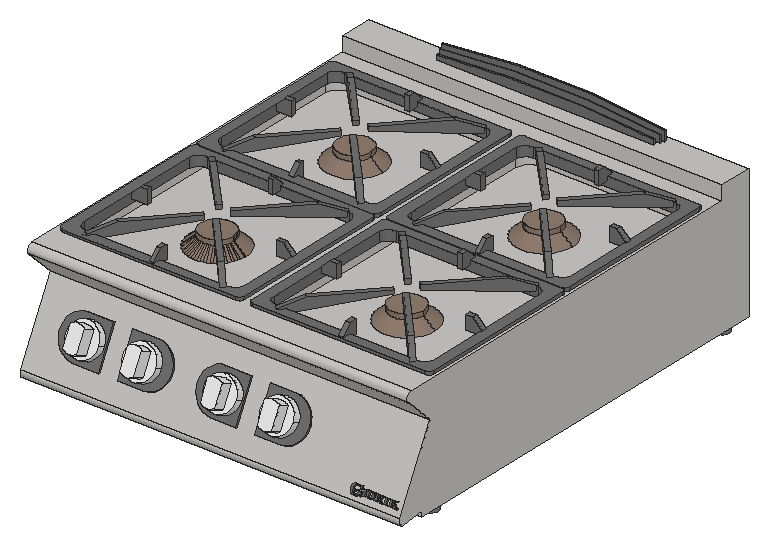
Revit family "QF_GIORIK_CG940T", category Specialty Equipment, Revit 2014
Parameters (values of type "CG940T")
  Weight in Pounds = 176.3696
  URL Cutsheet = "www.giorik.com"
  URL = "www.giorik.com"
  Status [instance] = ""
  Specification by User [instance] = ""
  Specification by Manufacturer = ""
  Show Logo [instance] = yes
  Show Clearance [instance] = yes
  Serial Number = ""
  Seismic Rating = ""
  SMACNA No = ""
  Revision Code [instance] = ""
  NAFEM Spec ID Number = ""
  Model = "CG940T"
  Mechanical Remarks [instance] = "Natural Gas"
  Mechanical Connection Type [instance] = ""
  Masterspec = ""
  Manufacturer = "GIORIK"
  Item Number [instance] = ""
  Installed By [instance] = ""
  Identify Quantity as Lot [instance] = no
  Gas Size = 1"
  Gas RI Height [instance] = 0 mm
  Gas KW = 32
  Gas Input = 32000 W
  Gas Connection Height [instance] = 20 mm
  Furnished By [instance] = ""
  Foodservice Equipment Identifier [instance] = yes
  Description = "4 BURNER GAS RANGE - COUNTERTOP VERSION"
  CSI MasterFormat = ""
  Assembly Code = "E1090320"
Reference planes
  plane 1 "Back": y = 0
  plane 2: z = 0
  plane 3 "Left": x = 0
  plane 4 "Right": x = 800
  plane 5 "Front": y = -920
  plane 6 "Top": z = 299.988
Forms (mm)
  Extrusion 1, solid, visible <- "Show Logo"
    sketch origin (596.604, -934.057, 12.333) x (-1, 0, 0) y (0, 0.452718, 0.891654)
      loop
        line (-118.824, 58.358) -> (-127.804, 58.358) -> (-125.523, 56.445) -> (-125.523, 48.027) -> (-127.804, 46.113) -> (-118.824, 46.113) -> (-121.105, 48.027) -> (-121.105, 56.445) -> (-118.824, 58.358)
      loop
        line (-163.721, 58.358) -> (-172.7, 58.358) -> (-170.42, 56.445) -> (-170.42, 48.027) -> (-172.7, 46.113) -> (-163.721, 46.113) -> (-166.001, 48.027) -> (-166.001, 56.445) -> (-163.721, 58.358)
      loop
        line (-174.332, 58.358) -> (-183.312, 58.358) -> (-181.031, 56.445) -> (-181.031, 52.435) -> (-186.419, 56.955) -> (-184.416, 58.358) -> (-191.268, 58.358) -> (-188.01, 56.839) -> (-185.455, 54.283) -> (-190.846, 47.858) -> (-193.396, 46.93) -> (-193.396, 46.113) -> (-184.416, 46.113) -> (-185.437, 47.571) -> (-182.443, 51.552) -> (-181.031, 50.894) -> (-181.031, 48.027) -> (-183.312, 46.113) -> (-174.332, 46.113) -> (-176.613, 48.027) -> (-176.613, 56.445) -> (-174.332, 58.358)
      loop
        line (-115.429, 62.063) -> (-115.429, 54.198)
        arc (-115.429, 54.198) -> (-111.618, 57.803) -> (-106.847, 59.986) r 16.039
        arc (-106.847, 59.986) -> (-103.314, 59.837) -> (-100.512, 57.68) r 5.851
        arc (-100.512, 57.68) -> (-98.815, 52.267) -> (-100.512, 46.853) r 9.479
        arc (-100.512, 46.853) -> (-102.406, 44.986) -> (-104.846, 43.93) r 7.236
        arc (-104.846, 43.93) -> (-107.728, 44.111) -> (-110.052, 45.825) r 5.11
        line (-110.052, 45.825) -> (-110.052, 52.001) -> (-116.141, 52.001) -> (-116.141, 45.503) -> (-117.893, 43.751) -> (-114.094, 44.769)
        arc (-114.094, 44.769) -> (-112.56, 44.947) -> (-111.129, 44.366) r 3.115
        arc (-111.129, 44.366) -> (-104.216, 42.091) -> (-97.303, 44.366) r 11.641
        arc (-97.303, 44.366) -> (-93.396, 52.107) -> (-97.303, 59.849) r 9.622
        arc (-97.303, 59.849) -> (-104.369, 62.174) -> (-111.435, 59.849) r 11.898
        line (-111.435, 59.849) -> (-115.429, 62.063)
      loop
        arc (-129.234, 56.068) -> (-135.893, 58.628) -> (-142.552, 56.068) r 9.941
        arc (-142.552, 56.068) -> (-144.234, 52.286) -> (-142.552, 48.505) r 5.093
        arc (-142.552, 48.505) -> (-135.893, 45.945) -> (-129.234, 48.505) r 9.941
        arc (-129.234, 48.505) -> (-127.552, 52.286) -> (-129.234, 56.068) r 5.093
      loop
        arc (-132.628, 54.403) -> (-135.893, 57.668) -> (-139.158, 54.403) r 3.265
        line (-139.158, 54.403) -> (-139.158, 50.169)
        arc (-139.158, 50.169) -> (-135.893, 46.904) -> (-132.628, 50.169) r 3.265
        line (-132.628, 50.169) -> (-132.628, 54.403)
      loop
        arc (-156.363, 58.365) -> (-159.647, 55.081) -> (-156.363, 51.796) r 3.285
        line (-156.363, 51.796) -> (-159.529, 47.306) -> (-162.087, 46.113) -> (-155.847, 46.113) -> (-153.529, 51.083) -> (-150.637, 51.083) -> (-150.637, 47.784) -> (-153.022, 46.113) -> (-144.011, 46.113) -> (-146.094, 47.68) -> (-146.094, 56.493) -> (-144.229, 58.365) -> (-156.363, 58.365)
      loop
        line (-150.637, 57.512) -> (-153.637, 57.512)
        arc (-153.637, 57.512) -> (-156.237, 54.912) -> (-153.637, 52.312) r 2.6
        line (-153.637, 52.312) -> (-150.637, 52.312) -> (-150.637, 57.512)
      loop
        line (-108.924, 52.001) -> (-104.936, 49.005) -> (-100.948, 52.001) -> (-108.924, 52.001)
    from 1.5 to -0.5
  Extrusion 2, void
    sketch origin (0, 0.105, 299.988) x (0, 1, 0) y (-1, 0, 0)
      loop
        arc (-110, -48.046) -> (-118.787, -26.832) -> (-140, -18.046) r 30
        line (-140, -18.046) -> (-800.004, -18.046)
        arc (-800.004, -18.046) -> (-821.217, -26.832) -> (-830.004, -48.046) r 30
        line (-830.004, -48.046) -> (-830.004, -352.046)
        arc (-830.004, -352.046) -> (-821.217, -373.259) -> (-800.004, -382.046) r 30
        line (-800.004, -382.046) -> (-140, -382.046)
        arc (-140, -382.046) -> (-118.787, -373.259) -> (-110, -352.046) r 30
        line (-110, -352.046) -> (-110, -48.046)
    from -30 to -70
  Extrusion 3, solid
    sketch origin (-4, 0.083, 5) x (1, 0, 0) y (0, 1, 0)
      loop
        circle (54, -385) r 12.5
    from 0 to 15
  Extrusion 4, solid
    sketch origin (0, -374.447, -630) x (1, 0, 0) y (0, 1, 0)
      loop
        circle (200.046, -276.449) r 35
    from 889.988 to 879.988
  Blend 5, solid
    base sketch origin (0, -374.447, 299.988) x (0, 1, 0) y (-1, 0, 0)
      loop
        circle (-276.449, -200.046) r 60
    top sketch origin (0, -374.447, 299.988) x (0, 1, 0) y (-1, 0, 0)
      loop
        circle (-276.449, -200.046) r 35
    from -70 to -50
  Extrusion 6, solid
    sketch origin (159.325, -429.908, -671.012) x (0, -1, 0) y (0, 0, -1)
      loop
        line (43.989, -935.989) -> (73, -965) -> (79.749, -965) -> (79.749, -935.989) -> (43.989, -935.989)
    from 35.72 to 45.72
  Extrusion 7, solid
    sketch origin (0, -374.447, -630) x (1, 0, 0) y (0, 1, 0)
      loop
        circle (200.046, -276.449) r 35
    from 889.988 to 879.988
  Blend 8, solid
    base sketch origin (0, -374.447, 299.988) x (0, 1, 0) y (-1, 0, 0)
      loop
        circle (-276.449, -200.046) r 60
    top sketch origin (0, -374.447, 299.988) x (0, 1, 0) y (-1, 0, 0)
      loop
        circle (-276.449, -200.046) r 35
    from -70 to -50
  Extrusion 9, solid
    sketch origin (-15.829, -700.615, -671.012) x (1, 0, 0) y (0, 0, -1)
      loop
        line (35.989, -935.989) -> (65, -965) -> (79.749, -965) -> (79.749, -935.989) -> (35.989, -935.989)
    from 35.72 to 45.72
  Extrusion 10, solid
    sketch origin (415.921, -700.615, -671.012) x (-1, 0, 0) y (0, 0, 1)
      loop
        line (35.989, 935.989) -> (79.749, 935.989) -> (79.749, 965) -> (65, 965) -> (35.989, 935.989)
    from 35.72 to 45.72
  Extrusion 11, solid
    sketch origin (0.046, -424.895, -577.012) x (1, 0, 0) y (0, 1, 0)
      loop
        line (8, -55.002) -> (8, -395.004)
        arc (8, -395.004) -> (10.929, -402.075) -> (18, -405.004) r 10
        line (18, -405.004) -> (382, -405.004)
        arc (382, -405.004) -> (389.071, -402.075) -> (392, -395.004) r 10
        line (392, -395.004) -> (392, -55.002)
        arc (392, -55.002) -> (389.071, -47.931) -> (382, -45.002) r 10
        line (382, -45.002) -> (18, -45.002)
        arc (18, -45.002) -> (10.929, -47.931) -> (8, -55.002) r 10
      loop
        arc (49.954, -67.002) -> (35.812, -72.86) -> (29.954, -87.002) r 20
        line (29.954, -87.002) -> (29.954, -365.004)
        arc (29.954, -365.004) -> (35.812, -379.146) -> (49.954, -385.004) r 20
        line (49.954, -385.004) -> (349.954, -385.004)
        arc (349.954, -385.004) -> (364.097, -379.146) -> (369.954, -365.004) r 20
        line (369.954, -365.004) -> (369.954, -87.002)
        arc (369.954, -87.002) -> (364.097, -72.86) -> (349.954, -67.002) r 20
        line (349.954, -67.002) -> (49.954, -67.002)
    from 831.989 to 851.989
  Extrusion 12, solid
    sketch origin (347.736, -429.73, -602.821) x (-0.670885, -0.741561, 0) y (0, 0, -1)
      loop
        line (239.679, -896.808) -> (239.679, -888.14) -> (57.778, -867.797) -> (36.748, -867.797) -> (36.748, -875.452) -> (95.425, -896.808) -> (239.679, -896.808)
    from 30.148 to 40.148
  Extrusion 13, solid
    sketch origin (52.421, -429.794, -602.821) x (0.670878, -0.741568, 0) y (0, 0, 1)
      loop
        line (239.588, 896.808) -> (95.425, 896.808) -> (36.748, 875.452) -> (36.748, 867.797) -> (57.778, 867.797) -> (239.588, 888.13) -> (239.588, 896.808)
    from 30.148 to 40.148
  Extrusion 14, solid
    sketch origin (347.735, -872.062, -602.821) x (-0.670878, 0.741568, 0) y (0, 0, 1)
      loop
        line (239.679, 896.808) -> (95.425, 896.808) -> (36.748, 875.452) -> (36.748, 867.797) -> (57.778, 867.797) -> (239.679, 888.14) -> (239.679, 896.808)
    from 30.148 to 40.148
  Extrusion 15, solid
    sketch origin (52.356, -872.062, -602.821) x (0.670885, 0.741561, 0) y (0, 0, -1)
      loop
        line (239.679, -896.808) -> (239.679, -888.14) -> (57.778, -867.797) -> (36.748, -867.797) -> (36.748, -875.452) -> (95.425, -896.808) -> (239.679, -896.808)
    from 30.148 to 40.148
  Extrusion 16, solid
    sketch origin (240.72, -869.888, -671.012) x (0, 1, 0) y (0, 0, -1)
      loop
        line (35.989, -935.989) -> (65, -965) -> (79.749, -965) -> (79.749, -935.989) -> (35.989, -935.989)
    from 35.72 to 45.72
  Extrusion 17, solid
    sketch origin (159.325, -509.886, -671.012) x (0, 1, 0) y (0, 0, 1)
      loop
        line (44.738, 935.989) -> (79.749, 935.989) -> (79.749, 965) -> (73.749, 965) -> (44.738, 935.989)
    from 35.72 to 45.72
  Extrusion 18, solid
    sketch origin (-15.829, -239.178, -671.012) x (1, 0, 0) y (0, 0, 1)
      loop
        line (35.989, 935.989) -> (79.749, 935.989) -> (79.749, 965) -> (65, 965) -> (35.989, 935.989)
    from 35.72 to 45.72
  Extrusion 19, solid
    sketch origin (415.921, -239.178, -671.012) x (-1, 0, 0) y (0, 0, -1)
      loop
        line (35.989, -935.989) -> (65, -965) -> (79.749, -965) -> (79.749, -935.989) -> (35.989, -935.989)
    from 35.72 to 45.72
  Extrusion 20, solid
    sketch origin (0.046, -514.898, -577.012) x (1, 0, 0) y (0, 1, 0)
      loop
        arc (8, 55.002) -> (10.929, 47.931) -> (18, 45.002) r 10
        line (18, 45.002) -> (382, 45.002)
        arc (382, 45.002) -> (389.071, 47.931) -> (392, 55.002) r 10
        line (392, 55.002) -> (392, 395.004)
        arc (392, 395.004) -> (389.071, 402.075) -> (382, 405.004) r 10
        line (382, 405.004) -> (18, 405.004)
        arc (18, 405.004) -> (10.929, 402.075) -> (8, 395.004) r 10
        line (8, 395.004) -> (8, 55.002)
      loop
        line (49.954, 67.002) -> (349.954, 67.002)
        arc (349.954, 67.002) -> (364.097, 72.86) -> (369.954, 87.002) r 20
        line (369.954, 87.002) -> (369.954, 365.004)
        arc (369.954, 365.004) -> (364.097, 379.146) -> (349.954, 385.004) r 20
        line (349.954, 385.004) -> (49.954, 385.004)
        arc (49.954, 385.004) -> (35.812, 379.146) -> (29.954, 365.004) r 20
        line (29.954, 365.004) -> (29.954, 87.002)
        arc (29.954, 87.002) -> (35.812, 72.86) -> (49.954, 67.002) r 20
    from 831.989 to 851.989
  Extrusion 21, solid
    sketch origin (347.736, -510.063, -602.821) x (-0.670885, 0.741561, 0) y (0, 0, 1)
      loop
        line (239.679, 896.808) -> (95.425, 896.808) -> (36.748, 875.452) -> (36.748, 867.797) -> (57.778, 867.797) -> (239.679, 888.14) -> (239.679, 896.808)
    from 30.148 to 40.148
  Extrusion 22, solid
    sketch origin (52.421, -509.999, -602.821) x (0.670878, 0.741568, 0) y (0, 0, -1)
      loop
        line (239.588, -896.808) -> (239.588, -888.13) -> (57.778, -867.797) -> (36.748, -867.797) -> (36.748, -875.452) -> (95.425, -896.808) -> (239.588, -896.808)
    from 30.148 to 40.148
  Extrusion 23, solid
    sketch origin (347.735, -67.732, -602.821) x (-0.670878, -0.741568, 0) y (0, 0, -1)
      loop
        line (239.679, -896.808) -> (239.679, -888.14) -> (57.778, -867.797) -> (36.748, -867.797) -> (36.748, -875.452) -> (95.425, -896.808) -> (239.679, -896.808)
    from 30.148 to 40.148
  Extrusion 24, solid
    sketch origin (52.356, -67.732, -602.821) x (0.670885, -0.741561, 0) y (0, 0, 1)
      loop
        line (239.679, 896.808) -> (95.425, 896.808) -> (36.748, 875.452) -> (36.748, 867.797) -> (57.778, 867.797) -> (239.679, 888.14) -> (239.679, 896.808)
    from 30.148 to 40.148
  Extrusion 25, solid
    sketch origin (240.72, -69.906, -671.012) x (0, -1, 0) y (0, 0, 1)
      loop
        line (35.989, 935.989) -> (79.749, 935.989) -> (79.749, 965) -> (65, 965) -> (35.989, 935.989)
    from 35.72 to 45.72
  Extrusion 26, solid
    sketch origin (559.325, -429.908, -671.012) x (0, -1, 0) y (0, 0, -1)
      loop
        line (35.989, -935.989) -> (65, -965) -> (79.749, -965) -> (79.749, -935.989) -> (35.989, -935.989)
    from 35.72 to 45.72
  Extrusion 27, solid
    sketch origin (384.171, -700.615, -671.012) x (1, 0, 0) y (0, 0, -1)
      loop
        line (35.989, -935.989) -> (65, -965) -> (79.749, -965) -> (79.749, -935.989) -> (35.989, -935.989)
    from 35.72 to 45.72
  Extrusion 28, solid
    sketch origin (815.921, -700.615, -671.012) x (-1, 0, 0) y (0, 0, 1)
      loop
        line (35.989, 935.989) -> (79.749, 935.989) -> (79.749, 965) -> (65, 965) -> (35.989, 935.989)
    from 35.72 to 45.72
  Extrusion 29, solid
    sketch origin (400.046, -424.895, -577.012) x (1, 0, 0) y (0, 1, 0)
      loop
        line (8, -55.002) -> (8, -395.004)
        arc (8, -395.004) -> (10.929, -402.075) -> (18, -405.004) r 10
        line (18, -405.004) -> (382, -405.004)
        arc (382, -405.004) -> (389.071, -402.075) -> (392, -395.004) r 10
        line (392, -395.004) -> (392, -55.002)
        arc (392, -55.002) -> (389.071, -47.931) -> (382, -45.002) r 10
        line (382, -45.002) -> (18, -45.002)
        arc (18, -45.002) -> (10.929, -47.931) -> (8, -55.002) r 10
      loop
        arc (49.954, -67.002) -> (35.812, -72.86) -> (29.954, -87.002) r 20
        line (29.954, -87.002) -> (29.954, -365.004)
        arc (29.954, -365.004) -> (35.812, -379.146) -> (49.954, -385.004) r 20
        line (49.954, -385.004) -> (349.954, -385.004)
        arc (349.954, -385.004) -> (364.097, -379.146) -> (369.954, -365.004) r 20
        line (369.954, -365.004) -> (369.954, -87.002)
        arc (369.954, -87.002) -> (364.097, -72.86) -> (349.954, -67.002) r 20
        line (349.954, -67.002) -> (49.954, -67.002)
    from 831.989 to 851.989
  Extrusion 30, solid
    sketch origin (747.736, -429.73, -602.821) x (-0.670885, -0.741561, 0) y (0, 0, -1)
      loop
        line (239.679, -896.808) -> (239.679, -888.14) -> (57.778, -867.797) -> (36.748, -867.797) -> (36.748, -875.452) -> (95.425, -896.808) -> (239.679, -896.808)
    from 30.148 to 40.148
  Extrusion 31, solid
    sketch origin (452.421, -429.794, -602.821) x (0.670878, -0.741568, 0) y (0, 0, 1)
      loop
        line (239.588, 896.808) -> (95.425, 896.808) -> (36.748, 875.452) -> (36.748, 867.797) -> (57.778, 867.797) -> (239.588, 888.13) -> (239.588, 896.808)
    from 30.148 to 40.148
  Extrusion 32, solid
    sketch origin (747.735, -872.062, -602.821) x (-0.670878, 0.741568, 0) y (0, 0, 1)
      loop
        line (239.679, 896.808) -> (95.425, 896.808) -> (36.748, 875.452) -> (36.748, 867.797) -> (57.778, 867.797) -> (239.679, 888.14) -> (239.679, 896.808)
    from 30.148 to 40.148
  Extrusion 33, solid
    sketch origin (452.356, -872.062, -602.821) x (0.670885, 0.741561, 0) y (0, 0, -1)
      loop
        line (239.679, -896.808) -> (239.679, -888.14) -> (57.778, -867.797) -> (36.748, -867.797) -> (36.748, -875.452) -> (95.425, -896.808) -> (239.679, -896.808)
    from 30.148 to 40.148
  Extrusion 34, solid
    sketch origin (640.72, -869.888, -671.012) x (0, 1, 0) y (0, 0, -1)
      loop
        line (35.989, -935.989) -> (65, -965) -> (79.749, -965) -> (79.749, -935.989) -> (35.989, -935.989)
    from 35.72 to 45.72
  Extrusion 35, solid
    sketch origin (559.325, -509.886, -671.012) x (0, 1, 0) y (0, 0, 1)
      loop
        line (35.989, 935.989) -> (79.749, 935.989) -> (79.749, 965) -> (65, 965) -> (35.989, 935.989)
    from 35.72 to 45.72
  Extrusion 36, solid
    sketch origin (384.171, -239.178, -671.012) x (1, 0, 0) y (0, 0, 1)
      loop
        line (35.989, 935.989) -> (79.749, 935.989) -> (79.749, 965) -> (65, 965) -> (35.989, 935.989)
    from 35.72 to 45.72
  Extrusion 37, solid
    sketch origin (815.921, -239.178, -671.012) x (-1, 0, 0) y (0, 0, -1)
      loop
        line (35.989, -935.989) -> (65, -965) -> (79.749, -965) -> (79.749, -935.989) -> (35.989, -935.989)
    from 35.72 to 45.72
  Extrusion 38, solid
    sketch origin (400.046, -514.898, -577.012) x (1, 0, 0) y (0, 1, 0)
      loop
        arc (8, 55.002) -> (10.929, 47.931) -> (18, 45.002) r 10
        line (18, 45.002) -> (382, 45.002)
        arc (382, 45.002) -> (389.071, 47.931) -> (392, 55.002) r 10
        line (392, 55.002) -> (392, 395.004)
        arc (392, 395.004) -> (389.071, 402.075) -> (382, 405.004) r 10
        line (382, 405.004) -> (18, 405.004)
        arc (18, 405.004) -> (10.929, 402.075) -> (8, 395.004) r 10
        line (8, 395.004) -> (8, 55.002)
      loop
        line (49.954, 67.002) -> (349.954, 67.002)
        arc (349.954, 67.002) -> (364.097, 72.86) -> (369.954, 87.002) r 20
        line (369.954, 87.002) -> (369.954, 365.004)
        arc (369.954, 365.004) -> (364.097, 379.146) -> (349.954, 385.004) r 20
        line (349.954, 385.004) -> (49.954, 385.004)
        arc (49.954, 385.004) -> (35.812, 379.146) -> (29.954, 365.004) r 20
        line (29.954, 365.004) -> (29.954, 87.002)
        arc (29.954, 87.002) -> (35.812, 72.86) -> (49.954, 67.002) r 20
    from 831.989 to 851.989
  Extrusion 39, solid
    sketch origin (747.736, -510.063, -602.821) x (-0.670885, 0.741561, 0) y (0, 0, 1)
      loop
        line (239.679, 896.808) -> (95.425, 896.808) -> (36.748, 875.452) -> (36.748, 867.797) -> (57.778, 867.797) -> (239.679, 888.14) -> (239.679, 896.808)
    from 30.148 to 40.148
  Extrusion 40, solid
    sketch origin (452.421, -509.999, -602.821) x (0.670878, 0.741568, 0) y (0, 0, -1)
      loop
        line (239.588, -896.808) -> (239.588, -888.13) -> (57.778, -867.797) -> (36.748, -867.797) -> (36.748, -875.452) -> (95.425, -896.808) -> (239.588, -896.808)
    from 30.148 to 40.148
  Extrusion 41, solid
    sketch origin (747.735, -67.732, -602.821) x (-0.670878, -0.741568, 0) y (0, 0, -1)
      loop
        line (239.679, -896.808) -> (239.679, -888.14) -> (57.778, -867.797) -> (36.748, -867.797) -> (36.748, -875.452) -> (95.425, -896.808) -> (239.679, -896.808)
    from 30.148 to 40.148
  Extrusion 42, solid
    sketch origin (452.356, -67.732, -602.821) x (0.670885, -0.741561, 0) y (0, 0, 1)
      loop
        line (239.679, 896.808) -> (95.425, 896.808) -> (36.748, 875.452) -> (36.748, 867.797) -> (57.778, 867.797) -> (239.679, 888.14) -> (239.679, 896.808)
    from 30.148 to 40.148
  Extrusion 43, solid
    sketch origin (640.72, -69.906, -671.012) x (0, -1, 0) y (0, 0, 1)
      loop
        line (35.989, 935.989) -> (79.749, 935.989) -> (79.749, 965) -> (65, 965) -> (35.989, 935.989)
    from 35.72 to 45.72
  Blend 44, solid
    base sketch origin (0, -12.449, 299.988) x (0, 1, 0) y (-1, 0, 0)
      loop
        circle (-276.449, -200.046) r 60
    top sketch origin (0, -12.449, 299.988) x (0, 1, 0) y (-1, 0, 0)
      loop
        circle (-276.449, -200.046) r 35
    from -70 to -50
  Extrusion 45, solid
    sketch origin (0, -12.449, -630) x (1, 0, 0) y (0, 1, 0)
      loop
        circle (200.046, -276.449) r 35
    from 889.988 to 879.988
  Blend 46, solid
    base sketch origin (400, -374.447, 299.988) x (0, 1, 0) y (-1, 0, 0)
      loop
        circle (-276.449, -200.046) r 60
    top sketch origin (400, -374.447, 299.988) x (0, 1, 0) y (-1, 0, 0)
      loop
        circle (-276.449, -200.046) r 35
    from -70 to -50
  Extrusion 47, solid
    sketch origin (400, -374.447, -630) x (1, 0, 0) y (0, 1, 0)
      loop
        circle (200.046, -276.449) r 35
    from 889.988 to 879.988
  Blend 48, solid
    base sketch origin (400, -12.449, 299.988) x (0, 1, 0) y (-1, 0, 0)
      loop
        circle (-276.449, -200.046) r 60
    top sketch origin (400, -12.449, 299.988) x (0, 1, 0) y (-1, 0, 0)
      loop
        circle (-276.449, -200.046) r 35
    from -70 to -50
  Extrusion 49, solid
    sketch origin (400, -12.449, -630) x (1, 0, 0) y (0, 1, 0)
      loop
        circle (200.046, -276.449) r 35
    from 889.988 to 879.988
  Extrusion 50, solid
    sketch origin (-313.221, -1161.878, -545.714) x (1, 0, 0) y (0, 0.452718, 0.891654)
      loop
        line (463.221, 676.25) -> (463.221, 766.25) -> (409.698, 766.25)
        arc (409.698, 766.25) -> (364.698, 721.25) -> (409.698, 676.25) r 45
        line (409.698, 676.25) -> (463.221, 676.25)
    from 48 to 50
  Extrusion 51, solid
    sketch origin (653.221, -1161.878, -545.714) x (-1, 0, 0) y (0, -0.452718, -0.891654)
      loop
        line (463.221, -676.25) -> (409.698, -676.25)
        arc (409.698, -676.25) -> (364.698, -721.25) -> (409.698, -766.25) r 45
        line (409.698, -766.25) -> (463.221, -766.25) -> (463.221, -676.25)
    from 48 to 50
  Extrusion 52, solid
    sketch origin (-121.331, -1207.23, -523.118) x (1, 0, 0) y (0, 0.45351, 0.891251)
      loop
        circle (351.331, 721.346) r 35
    from 0 to 15
  Extrusion 53, solid
    sketch origin (-121.331, -1207.23, -523.118) x (1, 0, 0) y (0, 0.45351, 0.891251)
      loop
        line (336.331, 743.846) -> (336.331, 698.846)
        arc (336.331, 698.846) -> (351.331, 693.846) -> (366.331, 698.846) r 25
        line (366.331, 698.846) -> (366.331, 743.846)
        arc (366.331, 743.846) -> (351.331, 748.846) -> (336.331, 743.846) r 25
    from 15 to 40
  Extrusion 54, solid
    sketch origin (461.331, -1207.23, -523.118) x (-1, 0, 0) y (0, -0.45351, -0.891251)
      loop
        circle (351.331, -721.346) r 35
    from 0 to 15
  Extrusion 55, solid
    sketch origin (461.331, -1207.23, -523.118) x (-1, 0, 0) y (0, -0.45351, -0.891251)
      loop
        arc (336.331, -743.846) -> (351.331, -748.846) -> (366.331, -743.846) r 25
        line (366.331, -743.846) -> (366.331, -698.846)
        arc (366.331, -698.846) -> (351.331, -693.846) -> (336.331, -698.846) r 25
        line (336.331, -698.846) -> (336.331, -743.846)
    from 15 to 40
  Extrusion 56, solid
    sketch origin (943.221, -1161.878, -545.714) x (-1, 0, 0) y (0, -0.452718, -0.891654)
      loop
        line (463.221, -676.25) -> (409.698, -676.25)
        arc (409.698, -676.25) -> (364.698, -721.25) -> (409.698, -766.25) r 45
        line (409.698, -766.25) -> (463.221, -766.25) -> (463.221, -676.25)
    from 48 to 50
  Extrusion 57, solid
    sketch origin (-23.221, -1161.878, -545.714) x (1, 0, 0) y (0, 0.452718, 0.891654)
      loop
        line (463.221, 676.25) -> (463.221, 766.25) -> (409.698, 766.25)
        arc (409.698, 766.25) -> (364.698, 721.25) -> (409.698, 676.25) r 45
        line (409.698, 676.25) -> (463.221, 676.25)
    from 48 to 50
  Extrusion 58, solid
    sketch origin (751.331, -1207.23, -523.118) x (-1, 0, 0) y (0, -0.45351, -0.891251)
      loop
        circle (351.331, -721.346) r 35
    from 0 to 15
  Extrusion 59, solid
    sketch origin (751.331, -1207.23, -523.118) x (-1, 0, 0) y (0, -0.45351, -0.891251)
      loop
        arc (336.331, -743.846) -> (351.331, -748.846) -> (366.331, -743.846) r 25
        line (366.331, -743.846) -> (366.331, -698.846)
        arc (366.331, -698.846) -> (351.331, -693.846) -> (336.331, -698.846) r 25
        line (336.331, -698.846) -> (336.331, -743.846)
    from 15 to 40
  Extrusion 60, solid
    sketch origin (168.669, -1207.23, -523.118) x (1, 0, 0) y (0, 0.45351, 0.891251)
      loop
        circle (351.331, 721.346) r 35
    from 0 to 15
  Extrusion 61, solid
    sketch origin (168.669, -1207.23, -523.118) x (1, 0, 0) y (0, 0.45351, 0.891251)
      loop
        line (336.331, 743.846) -> (336.331, 698.846)
        arc (336.331, 698.846) -> (351.331, 693.846) -> (366.331, 698.846) r 25
        line (366.331, 698.846) -> (366.331, 743.846)
        arc (366.331, 743.846) -> (351.331, 748.846) -> (336.331, 743.846) r 25
    from 15 to 40
  Extrusion 62, solid
    sketch origin (0, 802.938, -620) x (0, 1, 0) y (0, 0, 1)
      loop
        line (-802.938, 919.988) -> (-872.938, 919.988) -> (-872.938, 889.988) -> (-1691.606, 889.988)
        arc (-1691.606, 889.988) -> (-1701.951, 883.075) -> (-1699.524, 870.873) r 11.197
        line (-1699.524, 870.873) -> (-1643.676, 815.025) -> (-1721.748, 661.258)
        arc (-1721.748, 661.258) -> (-1721.033, 650.105) -> (-1710.918, 645.354) r 10.981
        line (-1710.918, 645.354) -> (-1662.8, 649.925) -> (-1662.8, 640) -> (-802.938, 640) -> (-802.938, 919.988)
    from 0 to 800
  Extrusion 63, void
    sketch origin (400, 0.105, 304.977) x (0, 1, 0) y (-1, 0, 0)
      loop
        arc (-110, -50.16) -> (-118.787, -28.947) -> (-140, -20.16) r 30
        line (-140, -20.16) -> (-800.004, -20.16)
        arc (-800.004, -20.16) -> (-821.217, -28.947) -> (-830.004, -50.16) r 30
        line (-830.004, -50.16) -> (-830.004, -349.931)
        arc (-830.004, -349.931) -> (-821.217, -371.145) -> (-800.004, -379.931) r 30
        line (-800.004, -379.931) -> (-140, -379.931)
        arc (-140, -379.931) -> (-118.787, -371.145) -> (-110, -349.931) r 30
        line (-110, -349.931) -> (-110, -50.16)
    from -30 to -74.989
  Extrusion 64, solid
    sketch origin (36.194, 0.24, -610.002) x (1, 0, 0) y (0, 0, 1)
      loop
        line (135, 909.989) -> (592.969, 909.989) -> (592.969, 919.989) -> (440.969, 929.989) -> (287, 929.989) -> (135, 919.989) -> (135, 909.989)
    from 32 to 35
  Extrusion 65, solid
    sketch origin (38.163, 10.24, -610.002) x (1, 0, 0) y (0, 0, 1)
      loop
        line (594, 909.989) -> (594, 924.989) -> (440, 937.489) -> (284, 937.489) -> (130, 925.001) -> (130, 909.989) -> (594, 909.989)
    from 32 to 35
  Extrusion 66, solid
    sketch origin (40.163, 20.24, -610.002) x (1, 0, 0) y (0, 0, 1)
      loop
        line (595, 909.989) -> (595, 930.001) -> (439, 945.258) -> (281, 945.258) -> (125, 929.989) -> (125, 909.989) -> (595, 909.989)
    from 32 to 35
  Extrusion 67, solid
    sketch origin (543.603, 45.399, -30) x (0, 1, 0) y (-1, 0, 0)
      loop
        circle (-79.293, 516.603) r 5
    from 41.965 to 50
  Revolve 68, solid
    sketch origin (27, 50.048, -600) x (0, 1, 0) y (0, 0, 1)
      loop
        line (-83.943, 611.965) -> (-94.752, 611.965) -> (-97.943, 600) -> (-83.943, 600) -> (-83.943, 611.965)
      axis (-83.943, 611.965) -> (-83.943, 600)
    angle from 0 to 360
  Extrusion 69, solid
    sketch origin (256.397, 45.399, -30) x (0, 1, 0) y (-1, 0, 0)
      loop
        circle (-79.293, -516.603) r 5
    from 41.965 to 50
  Revolve 70, solid
    sketch origin (773, 50.048, -600) x (0, 1, 0) y (0, 0, -1)
      loop
        line (-83.943, -611.965) -> (-83.943, -600) -> (-97.943, -600) -> (-94.752, -611.965) -> (-83.943, -611.965)
      axis (-83.943, -611.965) -> (-83.943, -600)
    angle from 0 to 360
  Extrusion 71, solid
    sketch origin (543.603, -721.769, -30) x (0, 1, 0) y (-1, 0, 0)
      loop
        circle (-79.293, 516.603) r 5
    from 41.965 to 50
  Revolve 72, solid
    sketch origin (27, -717.12, -600) x (0, 1, 0) y (0, 0, 1)
      loop
        line (-83.943, 611.965) -> (-94.752, 611.965) -> (-97.943, 600) -> (-83.943, 600) -> (-83.943, 611.965)
      axis (-83.943, 611.965) -> (-83.943, 600)
    angle from 0 to 360
  Extrusion 73, solid
    sketch origin (256.397, -721.769, -30) x (0, 1, 0) y (-1, 0, 0)
      loop
        circle (-79.293, -516.603) r 5
    from 41.965 to 50
  Revolve 74, solid
    sketch origin (773, -717.12, -600) x (0, 1, 0) y (0, 0, -1)
      loop
        line (-83.943, -611.965) -> (-83.943, -600) -> (-97.943, -600) -> (-94.752, -611.965) -> (-83.943, -611.965)
      axis (-83.943, -611.965) -> (-83.943, -600)
    angle from 0 to 360
Cuts and joins
  Extrusion 63 cuts Extrusion 4
  Extrusion 63 cuts Blend 5
  Extrusion 63 cuts Extrusion 6
  Extrusion 63 cuts Extrusion 7
  Extrusion 63 cuts Blend 8
  Extrusion 63 cuts Extrusion 9
  Extrusion 63 cuts Extrusion 10
  Extrusion 63 cuts Extrusion 11
  Extrusion 63 cuts Extrusion 12
  Extrusion 63 cuts Extrusion 13
  Extrusion 63 cuts Extrusion 14
  Extrusion 63 cuts Extrusion 15
  Extrusion 63 cuts Extrusion 16
  Extrusion 63 cuts Extrusion 17
  Extrusion 63 cuts Extrusion 18
  Extrusion 63 cuts Extrusion 19
  Extrusion 63 cuts Extrusion 20
  Extrusion 63 cuts Extrusion 21
  Extrusion 63 cuts Extrusion 22
  Extrusion 63 cuts Extrusion 23
  Extrusion 63 cuts Extrusion 24
  Extrusion 63 cuts Extrusion 25
  Extrusion 63 cuts Blend 44
  Extrusion 63 cuts Extrusion 45
  Extrusion 2, Extrusion 63 cuts Extrusion 62
Lines and regions (mm)
  symbolic lines, style "200-EquipBorder-2D"
    curve 1: line (800, -920, 299.988) -> (0, -920, 299.988)
    curve 2: line (0, -920, 299.988) -> (0, 0, 299.988)
    curve 73: line (0, 0, 299.988) -> (800, 0, 299.988)
    curve 74: line (800, 0, 299.988) -> (800, -920, 299.988)
  symbolic lines, style "200-EquipInternal-2D"
    curve 3: line (67.949, -447.897, 299.988) -> (190.798, -312.103, 299.988)
    curve 4: line (183.382, -305.394, 299.988) -> (54.464, -447.897, 299.988)
    curve 5: line (190.798, -312.103, 299.988) -> (183.382, -305.394, 299.988)
    curve 6: line (183.381, -272.403, 299.988) -> (190.796, -265.694, 299.988)
    curve 7: line (54.455, -129.895, 299.988) -> (183.381, -272.403, 299.988)
    curve 8: line (190.796, -265.694, 299.988) -> (67.94, -129.895, 299.988)
    curve 9: line (332.152, -129.895, 299.988) -> (209.296, -265.696, 299.988)
    curve 10: line (209.296, -265.696, 299.988) -> (216.712, -272.404, 299.988)
    curve 11: line (216.712, -272.404, 299.988) -> (345.637, -129.895, 299.988)
    curve 12: line (216.711, -305.392, 299.988) -> (209.295, -312.101, 299.988)
    curve 13: line (209.295, -312.101, 299.988) -> (332.148, -447.897, 299.988)
    curve 14: line (345.633, -447.897, 299.988) -> (216.711, -305.392, 299.988)
    curve 15: line (336.172, -274.898, 299.988) -> (336.172, -284.898, 299.988)
    curve 16: line (336.172, -284.898, 299.988) -> (370, -284.898, 299.988)
    curve 17: line (370, -274.898, 299.988) -> (336.172, -274.898, 299.988)
    curve 18: line (195, -149.654, 299.988) -> (205, -149.654, 299.988)
    curve 19: line (205, -149.654, 299.988) -> (205, -129.895, 299.988)
    curve 20: line (195, -129.895, 299.988) -> (195, -149.654, 299.988)
    curve 21: line (63.919, -274.898, 299.988) -> (30, -274.898, 299.988)
    curve 22: line (30, -284.898, 299.988) -> (63.919, -284.898, 299.988)
    curve 23: line (63.919, -284.898, 299.988) -> (63.919, -274.898, 299.988)
    curve 24: line (392.046, -459.897, 299.988) -> (392.046, -119.895, 299.988)
    curve 25: arc (392.046, -119.895, 299.988) -> (389.117, -112.824, 299.988) -> (382.046, -109.895, 299.988) r 10
    curve 26: line (382.046, -109.895, 299.988) -> (18.046, -109.895, 299.988)
    curve 27: line (50, -129.895, 299.988) -> (350, -129.895, 299.988)
    curve 28: arc (350, -129.895, 299.988) -> (364.142, -135.753, 299.988) -> (370, -149.895, 299.988) r 20
    curve 29: line (370, -149.895, 299.988) -> (370, -427.897, 299.988)
    curve 30: line (8.046, -119.895, 299.988) -> (8.046, -459.897, 299.988)
    curve 31: arc (18.046, -109.895, 299.988) -> (10.975, -112.824, 299.988) -> (8.046, -119.895, 299.988) r 10
    curve 32: line (30, -427.897, 299.988) -> (30, -149.895, 299.988)
    curve 33: arc (30, -149.895, 299.988) -> (35.858, -135.753, 299.988) -> (50, -129.895, 299.988) r 20
    curve 34: arc (8.046, -459.897, 299.988) -> (10.975, -466.968, 299.988) -> (18.046, -469.897, 299.988) r 10
    curve 35: line (18.046, -469.897, 299.988) -> (382.046, -469.897, 299.988)
    curve 36: line (350, -447.897, 299.988) -> (50, -447.897, 299.988)
    curve 37: arc (50, -447.897, 299.988) -> (35.858, -442.039, 299.988) -> (30, -427.897, 299.988) r 20
    curve 38: arc (370, -427.897, 299.988) -> (364.142, -442.039, 299.988) -> (350, -447.897, 299.988) r 20
    curve 39: arc (382.046, -469.897, 299.988) -> (389.117, -466.968, 299.988) -> (392.046, -459.897, 299.988) r 10
    curve 40: arc (392.046, -479.897, 299.988) -> (389.117, -472.826, 299.988) -> (382.046, -469.897, 299.988) r 10
    curve 41: line (392.046, -819.899, 299.988) -> (392.046, -479.897, 299.988)
    curve 42: arc (350, -491.897, 299.988) -> (364.142, -497.755, 299.988) -> (370, -511.897, 299.988) r 20
    curve 43: line (50, -491.897, 299.988) -> (350, -491.897, 299.988)
    curve 44: line (370, -511.897, 299.988) -> (370, -789.899, 299.988)
    curve 45: arc (370, -789.899, 299.988) -> (364.142, -804.041, 299.988) -> (350, -809.899, 299.988) r 20
    curve 46: line (350, -809.899, 299.988) -> (50, -809.899, 299.988)
    curve 47: line (18.046, -829.899, 299.988) -> (382.046, -829.899, 299.988)
    curve 48: arc (382.046, -829.899, 299.988) -> (389.117, -826.97, 299.988) -> (392.046, -819.899, 299.988) r 10
    curve 49: arc (18.046, -469.897, 299.988) -> (10.975, -472.826, 299.988) -> (8.046, -479.897, 299.988) r 10
    curve 50: line (8.046, -479.897, 299.988) -> (8.046, -819.899, 299.988)
    curve 51: arc (30, -511.897, 299.988) -> (35.858, -497.755, 299.988) -> (50, -491.897, 299.988) r 20
    curve 52: line (30, -789.899, 299.988) -> (30, -511.897, 299.988)
    curve 53: arc (50, -809.899, 299.988) -> (35.858, -804.041, 299.988) -> (30, -789.899, 299.988) r 20
    curve 54: arc (8.046, -819.899, 299.988) -> (10.975, -826.97, 299.988) -> (18.046, -829.899, 299.988) r 10
    curve 55: line (195, -790.139, 299.988) -> (195, -809.899, 299.988)
    curve 56: line (205, -809.899, 299.988) -> (205, -790.139, 299.988)
    curve 57: line (205, -790.139, 299.988) -> (195, -790.139, 299.988)
    curve 58: line (183.381, -667.39, 299.988) -> (54.455, -809.899, 299.988)
    curve 59: line (67.94, -809.899, 299.988) -> (190.796, -674.099, 299.988)
    curve 60: line (190.796, -674.099, 299.988) -> (183.381, -667.39, 299.988)
    curve 61: line (30, -664.895, 299.988) -> (63.919, -664.895, 299.988)
    curve 62: line (63.919, -654.895, 299.988) -> (30, -654.895, 299.988)
    curve 63: line (63.919, -664.895, 299.988) -> (63.919, -654.895, 299.988)
    curve 64: line (190.798, -627.691, 299.988) -> (67.949, -491.897, 299.988)
    curve 65: line (54.464, -491.897, 299.988) -> (183.382, -634.399, 299.988)
    curve 66: line (183.382, -634.399, 299.988) -> (190.798, -627.691, 299.988)
    curve 67: line (209.295, -627.692, 299.988) -> (216.711, -634.401, 299.988)
    curve 68: line (216.711, -634.401, 299.988) -> (345.633, -491.897, 299.988)
    curve 69: line (332.148, -491.897, 299.988) -> (209.295, -627.692, 299.988)
    curve 70: line (216.712, -667.389, 299.988) -> (209.296, -674.098, 299.988)
    curve 71: line (209.296, -674.098, 299.988) -> (332.152, -809.899, 299.988)
    curve 72: line (345.637, -809.899, 299.988) -> (216.712, -667.389, 299.988)
    curve 75: line (467.949, -447.897, 299.988) -> (590.798, -312.103, 299.988)
    curve 76: line (583.382, -305.394, 299.988) -> (454.464, -447.897, 299.988)
    curve 77: line (590.798, -312.103, 299.988) -> (583.382, -305.394, 299.988)
    curve 78: line (583.381, -272.403, 299.988) -> (590.796, -265.694, 299.988)
    curve 79: line (454.455, -129.895, 299.988) -> (583.381, -272.403, 299.988)
    curve 80: line (590.796, -265.694, 299.988) -> (467.94, -129.895, 299.988)
    curve 81: line (732.152, -129.895, 299.988) -> (609.296, -265.696, 299.988)
    curve 82: line (609.296, -265.696, 299.988) -> (616.712, -272.404, 299.988)
    curve 83: line (616.712, -272.404, 299.988) -> (745.637, -129.895, 299.988)
    curve 84: line (616.711, -305.392, 299.988) -> (609.295, -312.101, 299.988)
    curve 85: line (609.295, -312.101, 299.988) -> (732.148, -447.897, 299.988)
    curve 86: line (745.633, -447.897, 299.988) -> (616.711, -305.392, 299.988)
    curve 87: line (736.172, -274.898, 299.988) -> (736.172, -284.898, 299.988)
    curve 88: line (736.172, -284.898, 299.988) -> (770, -284.898, 299.988)
    curve 89: line (770, -274.898, 299.988) -> (736.172, -274.898, 299.988)
    curve 90: line (595, -149.654, 299.988) -> (605, -149.654, 299.988)
    curve 91: line (605, -149.654, 299.988) -> (605, -129.895, 299.988)
    curve 92: line (595, -129.895, 299.988) -> (595, -149.654, 299.988)
    curve 93: line (463.919, -274.898, 299.988) -> (430, -274.898, 299.988)
    curve 94: line (430, -284.898, 299.988) -> (463.919, -284.898, 299.988)
    curve 95: line (463.919, -284.898, 299.988) -> (463.919, -274.898, 299.988)
    curve 96: line (792.046, -459.897, 299.988) -> (792.046, -119.895, 299.988)
    curve 97: arc (792.046, -119.895, 299.988) -> (789.117, -112.824, 299.988) -> (782.046, -109.895, 299.988) r 10
    curve 98: line (782.046, -109.895, 299.988) -> (418.046, -109.895, 299.988)
    curve 99: line (450, -129.895, 299.988) -> (750, -129.895, 299.988)
    curve 100: arc (750, -129.895, 299.988) -> (764.142, -135.753, 299.988) -> (770, -149.895, 299.988) r 20
    curve 101: line (770, -149.895, 299.988) -> (770, -427.897, 299.988)
    curve 102: line (408.046, -119.895, 299.988) -> (408.046, -459.897, 299.988)
    curve 103: arc (418.046, -109.895, 299.988) -> (410.975, -112.824, 299.988) -> (408.046, -119.895, 299.988) r 10
    curve 104: line (430, -427.897, 299.988) -> (430, -149.895, 299.988)
    curve 105: arc (430, -149.895, 299.988) -> (435.858, -135.753, 299.988) -> (450, -129.895, 299.988) r 20
    curve 106: arc (408.046, -459.897, 299.988) -> (410.975, -466.968, 299.988) -> (418.046, -469.897, 299.988) r 10
    curve 107: line (418.046, -469.897, 299.988) -> (782.046, -469.897, 299.988)
    curve 108: line (750, -447.897, 299.988) -> (450, -447.897, 299.988)
    curve 109: arc (450, -447.897, 299.988) -> (435.858, -442.039, 299.988) -> (430, -427.897, 299.988) r 20
    curve 110: arc (770, -427.897, 299.988) -> (764.142, -442.039, 299.988) -> (750, -447.897, 299.988) r 20
    curve 111: arc (782.046, -469.897, 299.988) -> (789.117, -466.968, 299.988) -> (792.046, -459.897, 299.988) r 10
    curve 112: arc (792.046, -479.897, 299.988) -> (789.117, -472.826, 299.988) -> (782.046, -469.897, 299.988) r 10
    curve 113: line (792.046, -819.899, 299.988) -> (792.046, -479.897, 299.988)
    curve 114: arc (750, -491.897, 299.988) -> (764.142, -497.755, 299.988) -> (770, -511.897, 299.988) r 20
    curve 115: line (450, -491.897, 299.988) -> (750, -491.897, 299.988)
    curve 116: line (770, -511.897, 299.988) -> (770, -789.899, 299.988)
    curve 117: arc (770, -789.899, 299.988) -> (764.142, -804.041, 299.988) -> (750, -809.899, 299.988) r 20
    curve 118: line (750, -809.899, 299.988) -> (450, -809.899, 299.988)
    curve 119: line (418.046, -829.899, 299.988) -> (782.046, -829.899, 299.988)
    curve 120: arc (782.046, -829.899, 299.988) -> (789.117, -826.97, 299.988) -> (792.046, -819.899, 299.988) r 10
    curve 121: arc (418.046, -469.897, 299.988) -> (410.975, -472.826, 299.988) -> (408.046, -479.897, 299.988) r 10
    curve 122: line (408.046, -479.897, 299.988) -> (408.046, -819.899, 299.988)
    curve 123: arc (430, -511.897, 299.988) -> (435.858, -497.755, 299.988) -> (450, -491.897, 299.988) r 20
    curve 124: line (430, -789.899, 299.988) -> (430, -511.897, 299.988)
    curve 125: arc (450, -809.899, 299.988) -> (435.858, -804.041, 299.988) -> (430, -789.899, 299.988) r 20
    curve 126: arc (408.046, -819.899, 299.988) -> (410.975, -826.97, 299.988) -> (418.046, -829.899, 299.988) r 10
    curve 127: line (595, -790.139, 299.988) -> (595, -809.899, 299.988)
    curve 128: line (605, -809.899, 299.988) -> (605, -790.139, 299.988)
    curve 129: line (605, -790.139, 299.988) -> (595, -790.139, 299.988)
    curve 130: line (583.381, -667.39, 299.988) -> (454.455, -809.899, 299.988)
    curve 131: line (467.94, -809.899, 299.988) -> (590.796, -674.099, 299.988)
    curve 132: line (590.796, -674.099, 299.988) -> (583.381, -667.39, 299.988)
    curve 133: line (430, -664.895, 299.988) -> (463.919, -664.895, 299.988)
    curve 134: line (463.919, -654.895, 299.988) -> (430, -654.895, 299.988)
    curve 135: line (463.919, -664.895, 299.988) -> (463.919, -654.895, 299.988)
    curve 136: line (590.798, -627.691, 299.988) -> (467.949, -491.897, 299.988)
    curve 137: line (454.464, -491.897, 299.988) -> (583.382, -634.399, 299.988)
    curve 138: line (583.382, -634.399, 299.988) -> (590.798, -627.691, 299.988)
    curve 139: line (609.295, -627.692, 299.988) -> (616.711, -634.401, 299.988)
    curve 140: line (616.711, -634.401, 299.988) -> (745.633, -491.897, 299.988)
    curve 141: line (732.148, -491.897, 299.988) -> (609.295, -627.692, 299.988)
    curve 142: line (616.712, -667.389, 299.988) -> (609.296, -674.098, 299.988)
    curve 143: line (609.296, -674.098, 299.988) -> (732.152, -809.899, 299.988)
    curve 144: line (745.637, -809.899, 299.988) -> (616.712, -667.389, 299.988)
    curve 145: line (165.163, -11.76, 900) -> (635.163, -11.76, 900)
    curve 146: line (635.163, -14.76, 900) -> (165.163, -14.76, 900)
    curve 147: line (165.163, -14.76, 900) -> (165.163, -11.76, 900)
    curve 148: line (168.163, -21.76, 900) -> (632.163, -21.76, 900)
    curve 149: line (632.163, -24.76, 900) -> (168.163, -24.76, 900)
    curve 150: line (168.163, -24.76, 900) -> (168.163, -21.76, 900)
    curve 151: line (629.163, -34.76, 900) -> (171.194, -34.76, 900)
    curve 152: line (635.163, -14.76, 900) -> (635.163, -11.76, 900)
    curve 153: line (632.163, -24.76, 900) -> (632.163, -21.76, 900)
    curve 154: line (629.163, -34.76, 900) -> (629.163, -31.76, 900)
    curve 155: line (171.194, -31.76, 900) -> (171.194, -34.76, 900)
    curve 156: line (629.163, -31.76, 900) -> (171.194, -31.76, 900)
    curve 157: line (0, -69.899, 299.988) -> (800, -69.899, 299.988)
    curve 158: line (205.046, -430.137, 299.988) -> (195.046, -430.137, 299.988)
    curve 159: line (205.046, -447.897, 299.988) -> (205.046, -430.137, 299.988)
    curve 160: line (195.046, -430.137, 299.988) -> (195.046, -447.897, 299.988)
    curve 161: line (205.046, -509.656, 299.988) -> (205.046, -491.897, 299.988)
    curve 162: line (195.046, -509.656, 299.988) -> (205.046, -509.656, 299.988)
    curve 163: line (195.046, -491.897, 299.988) -> (195.046, -509.656, 299.988)
    curve 164: line (336.172, -664.895, 299.988) -> (370, -664.895, 299.988)
    curve 165: line (370, -654.895, 299.988) -> (336.172, -654.895, 299.988)
    curve 166: line (336.172, -654.895, 299.988) -> (336.172, -664.895, 299.988)
    curve 167: line (736.172, -654.895, 299.988) -> (736.172, -664.895, 299.988)
    curve 168: line (736.172, -664.895, 299.988) -> (770, -664.895, 299.988)
    curve 169: line (770, -654.895, 299.988) -> (736.172, -654.895, 299.988)
    curve 170: line (605.046, -509.656, 299.988) -> (605.046, -491.897, 299.988)
    curve 171: line (595.046, -491.897, 299.988) -> (595.046, -509.656, 299.988)
    curve 172: line (605.046, -447.897, 299.988) -> (605.046, -430.137, 299.988)
    curve 173: line (595.046, -430.137, 299.988) -> (595.046, -447.897, 299.988)
    curve 174: line (595.046, -509.656, 299.988) -> (605.046, -509.656, 299.988)
    curve 175: line (605.046, -430.137, 299.988) -> (595.046, -430.137, 299.988)
    curve 176: arc (175.297, -264.149, 299.988) -> (165.046, -289.128, 299.988) -> (175.624, -313.969, 299.988) r 35
    curve 177: arc (183.763, -319.879, 299.988) -> (200.047, -323.898, 299.988) -> (216.331, -319.878, 299.988) r 35
    curve 178: arc (183.76, -257.917, 299.988) -> (200.047, -253.898, 299.988) -> (216.333, -257.918, 299.988) r 35
    curve 179: arc (224.794, -264.149, 299.988) -> (235.045, -289.126, 299.988) -> (224.469, -313.968, 299.988) r 35
    curve 180: arc (158.844, -245.281, 299.988) -> (140.046, -288.899, 299.988) -> (158.846, -332.516, 299.988) r 60
    curve 181: arc (166.678, -338.764, 299.988) -> (200.047, -348.898, 299.988) -> (233.415, -338.762, 299.988) r 60
    curve 182: arc (241.248, -332.514, 299.988) -> (260.046, -288.898, 299.988) -> (241.249, -245.282, 299.988) r 60
    curve 183: arc (233.417, -239.034, 299.988) -> (200.046, -228.898, 299.988) -> (166.676, -239.033, 299.988) r 60
    curve 184: arc (183.763, -619.914, 299.988) -> (200.047, -615.896, 299.988) -> (216.331, -619.915, 299.988) r 35
    curve 185: arc (224.469, -625.826, 299.988) -> (235.046, -650.895, 299.988) -> (224.47, -675.964, 299.988) r 35
    curve 186: arc (216.333, -681.875, 299.988) -> (200.047, -685.896, 299.988) -> (183.76, -681.876, 299.988) r 35
    curve 187: arc (175.652, -675.933, 299.988) -> (165.09, -650.894, 299.988) -> (175.654, -625.857, 299.988) r 34.956
    curve 188: arc (166.678, -601.03, 299.988) -> (200.053, -590.883, 299.988) -> (233.432, -601.013, 299.988) r 60.012
    curve 189: arc (241.248, -607.279, 299.988) -> (260.053, -650.895, 299.988) -> (241.249, -694.511, 299.988) r 59.985
    curve 190: arc (233.417, -700.759, 299.988) -> (200.046, -710.896, 299.988) -> (166.676, -700.76, 299.988) r 60
    curve 191: arc (158.844, -694.512, 299.988) -> (140.046, -650.894, 299.988) -> (158.846, -607.277, 299.988) r 60
    curve 192: arc (566.678, -601.03, 299.988) -> (600.047, -590.896, 299.988) -> (633.415, -601.031, 299.988) r 60
    curve 193: arc (641.248, -607.279, 299.988) -> (660.046, -650.895, 299.988) -> (641.249, -694.511, 299.988) r 60
    curve 194: arc (633.417, -700.759, 299.988) -> (600.046, -710.896, 299.988) -> (566.676, -700.76, 299.988) r 60
    curve 195: arc (575.622, -675.966, 299.988) -> (565.046, -650.894, 299.988) -> (575.624, -625.824, 299.988) r 35
    curve 196: arc (558.846, -607.277, 299.988) -> (540.046, -650.894, 299.988) -> (558.844, -694.512, 299.988) r 60
    curve 197: arc (583.76, -681.876, 299.988) -> (600.047, -685.896, 299.988) -> (616.333, -681.875, 299.988) r 35
    curve 198: arc (624.47, -675.964, 299.988) -> (635.046, -650.895, 299.988) -> (624.469, -625.826, 299.988) r 35
    curve 199: arc (583.763, -619.914, 299.988) -> (600.047, -615.896, 299.988) -> (616.331, -619.915, 299.988) r 35
    curve 200: arc (583.76, -257.917, 299.988) -> (600.047, -253.898, 299.988) -> (616.333, -257.918, 299.988) r 35
    curve 201: arc (624.47, -263.829, 299.988) -> (635.046, -288.899, 299.988) -> (624.469, -313.968, 299.988) r 35
    curve 202: arc (616.331, -319.878, 299.988) -> (600.047, -323.898, 299.988) -> (583.763, -319.879, 299.988) r 35
    curve 203: arc (575.624, -313.969, 299.988) -> (565.046, -288.899, 299.988) -> (575.622, -263.828, 299.988) r 35
    curve 204: arc (566.676, -239.033, 299.988) -> (600.046, -228.898, 299.988) -> (633.417, -239.034, 299.988) r 60
    curve 205: arc (641.249, -245.282, 299.988) -> (660.046, -288.898, 299.988) -> (641.248, -332.514, 299.988) r 60
    curve 206: arc (633.415, -338.762, 299.988) -> (600.047, -348.898, 299.988) -> (566.678, -338.764, 299.988) r 60
    curve 207: arc (558.846, -332.516, 299.988) -> (540.046, -288.899, 299.988) -> (558.844, -245.281, 299.988) r 60
Dimensions and locks
  plane 3 "Left" to plane 4 "Right" = 800 mm
  plane 5 "Front" to plane 1 "Back" = 920 mm
  plane 6 "Top" to level = 299.988 mm
  aligned and locked: level to plane 2
Connectors
  piping at (50, -384.917, 5), diameter 25.4, driven by "Gas Size"
    settings: on Extrusion 3, index 1, connector inside diameter 24", connector length 0 mm, flow factor 0, pipe flow 0.0 L/s, pressure drop 0.0 Pa, fitting loss kfactor 0, connector angle 0.00°, fixture units 0, engagement length 0 mm, angle of deflection 0.00°, flow configuration 1, flow direction 1, fitting loss method 0, system type 22, joint type 0, gender type 0, connector reference index -1, connector utility 0, adjustable connector no, is connector primary yes, connector description "Gas inlet"
